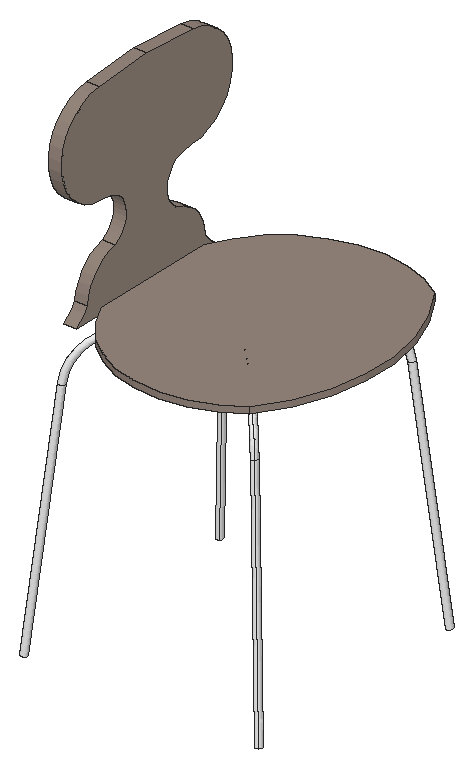
Revit family "Chair 1", category Furniture, Revit 2024
Family settings
  Work Plane-Based = No
  Enable Cutting in Views = No
  Always vertical = Yes
  Cut with Voids When Loaded = No
  Render Appearance Source = Family Geometry
  Shared = No
  Room Calculation Point = No
Parameters
  Keynote = "12600"
  Manufacturer = ""
  Default Elevation = 0 mm
  Bracket Material = Herman Miller - Finish 47 Trivalent Chrome
  Model = ""
  Cushion/Chair Back Material = Herman Miller - Veneer Z5 Maple
  BG_DIM_Width1 [instance] = 0 mm
  BG_DIM_Height1 [instance] = 0 mm
  BG_DIM_Depth1 [instance] = 0 mm
Reference planes
  plane 1 "Center F/B": y = -198.997
  plane 2: z = 0
  plane 3 "Center L/R": x = -1.022
Forms (mm)
  Sweep 1, solid, material "Herman Miller - Finish 47 Trivalent Chrome" <- "Bracket Material"
    path origin (61.052, -65.204, 45) x (0, 0, -1) y (0.707107, -0.707107, 0)
      loop
        line (45, -82.843) -> (-332.364, -36.508)
        arc (-332.364, -36.508) -> (-382.531, -10.114) -> (-402.615, 42.895) r 80
        line (-402.615, 42.895) -> (-402.615, 181.322)
    profile origin (18.855, -23.007, 188.682) x (-0.701836, 0.701836, 0.121869) y (-0.707107, -0.707107, 0)
      loop
        circle (0, 0) r 5
  Sweep 2, solid, material "Herman Miller - Finish 47 Trivalent Chrome" <- "Bracket Material"
    path origin (57.516, -325.168, 45) x (0, 0, -1) y (0.707107, 0.707107, 0)
      loop
        line (45, -82.843) -> (-332.364, -36.508)
        arc (-332.364, -36.508) -> (-382.531, -10.114) -> (-402.615, 42.895) r 80
        line (-402.615, 42.895) -> (-402.615, 181.322)
    profile origin (15.319, -367.364, 188.682) x (-0.701836, -0.701836, 0.121869) y (0.707107, -0.707107, 0)
      loop
        circle (0, 0) r 5
  Sweep 3, solid, material "Herman Miller - Finish 47 Trivalent Chrome" <- "Bracket Material"
    path origin (303.338, -65.204, 45) x (0, 0, -1) y (0.707107, 0.707107, 0)
      loop
        line (45, 82.843) -> (-332.364, 36.508)
        arc (-332.364, 36.508) -> (-382.531, 10.114) -> (-402.615, -42.895) r 80
        line (-402.615, -42.895) -> (-402.615, -181.322)
    profile origin (345.535, -23.007, 188.682) x (0.701836, 0.701836, 0.121869) y (-0.707107, 0.707107, 0)
      loop
        circle (0, 0) r 5
  Sweep 4, solid, material "Herman Miller - Finish 47 Trivalent Chrome" <- "Bracket Material"
    path origin (306.873, -325.168, 45) x (0, 0, -1) y (0.707107, -0.707107, 0)
      loop
        line (45, 82.843) -> (-332.364, 36.508)
        arc (-332.364, 36.508) -> (-382.531, 10.114) -> (-402.615, -42.895) r 80
        line (-402.615, -42.895) -> (-402.615, -181.322)
    profile origin (349.07, -367.364, 188.682) x (0.701836, -0.701836, 0.121869) y (0.707107, 0.707107, 0)
      loop
        circle (0, 0) r 5
  Extrusion 5, solid, material "Herman Miller - Veneer Z5 Maple" <- "Cushion/Chair Back Material"
    sketch origin (0, 0, 0) x (1, 0, 0) y (0, 1, 0)
      loop
        arc (340, -9.099) -> (152.776, 17.913) -> (32.728, -128.274) r 192.616
        line (32.728, -128.274) -> (32.728, -249.923)
        arc (32.728, -249.923) -> (152.776, -396.11) -> (340, -369.099) r 192.616
        arc (340, -369.099) -> (400.673, -189.099) -> (340, -9.099) r 297.34
    from 450 to 460
  Extrusion 6, solid, material "Herman Miller - Veneer Z5 Maple" <- "Cushion/Chair Back Material"
    sketch origin (390, -409.099, -27.081) x (0, 0, -1) y (0, 1, 0)
      loop
        arc (-498.809, 95.839) -> (-486.21, 86.065) -> (-477.081, 72.99) r 53.087
        line (-477.081, 72.99) -> (-477.081, 347.212)
        arc (-477.081, 347.212) -> (-486.21, 334.138) -> (-498.809, 324.364) r 53.087
        arc (-498.809, 324.364) -> (-539.073, 308.301) -> (-561.143, 270.989) r 67.175
        arc (-561.143, 270.989) -> (-601.737, 249.17) -> (-634.197, 281.887) r 38.521
        line (-634.197, 281.887) -> (-636.604, 298.938)
        arc (-636.604, 298.938) -> (-714.694, 376.726) -> (-796.127, 302.444) r 79.872
        line (-796.127, 302.444) -> (-802.584, 210.101) -> (-796.127, 117.759)
        arc (-796.127, 117.759) -> (-714.694, 43.477) -> (-636.604, 121.265) r 79.872
        line (-636.604, 121.265) -> (-634.197, 138.316)
        arc (-634.197, 138.316) -> (-601.737, 171.033) -> (-561.143, 149.213) r 38.521
        arc (-561.143, 149.213) -> (-539.073, 111.901) -> (-498.809, 95.839) r 67.175
    from -367.272 to -347.272
Dimensions and locks
  aligned and locked: plane 1 "Center F/B" to Extrusion 6
